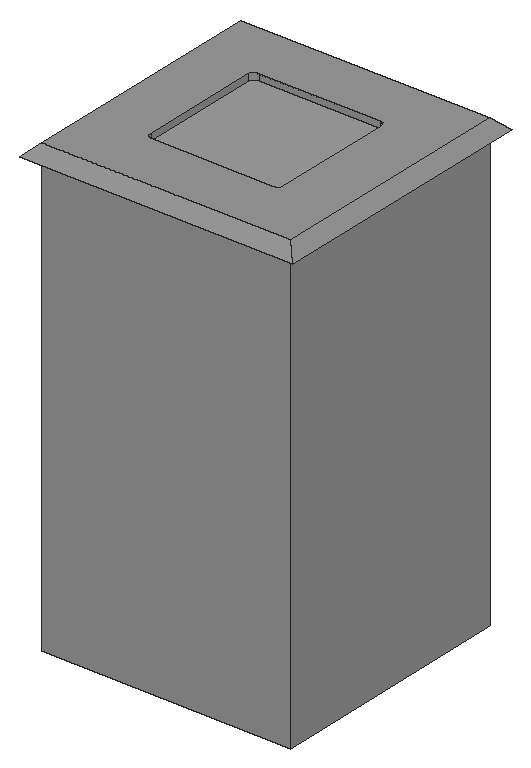
Revit family "4069208", category Lighting Fixtures, host Face, Revit 2017
Family settings
  Host = Face
  Round Connector Dimension = Use Diameter
  Part Type = Normal
  OmniClass Number = 23.80.70.00
  OmniClass Title = Lighting
  Cut with Voids When Loaded = No
  Light Source = Yes
  Shared = No
  Room Calculation Point = No
Parameters (values of type "4069208 PATHE/G/S1 WIDE 59LM LED 3K")
  Width_SYL = 45 mm
  Weight = "0.238 kg"
  Wattage Comments = ""
  Wattage = 1.5 W
  WarrantyStartDate [instance] = "n/a"
  WarrantyGuarantorParts = "n/a"
  WarrantyDurationUnit = "n/a"
  WarrantyDurationParts = "n/a"
  WarrantyDescription = "n/a"
  built-in parameter 1150110 = 1 (stored number, unit not read)
  Voltage = 230 V
  URL = "http://www.sylvania-lighting.com"
  TypeName = "PATHE/GROUND/SQUARE1 WIDE 59LM LED 3K"
  Type Image = <None>
  Type Comments = "n/a"
  built-in parameter 1114217 = 1 (stored number, unit not read)
  Tilt Angle = -90.00°
  built-in parameter 1150109 = 1 (stored number, unit not read)
  built-in parameter 1150134 = (empty or 0)
  built-in parameter 1150113 = 1 (stored number, unit not read)
  SerialNumber [instance] = "n/a"
  Photometric Web File = "4069208.ies"
  Material_3_SYL = none
  PowerFactor = 0
  PowerConsumption = "1.5 W"
  NominalLength = 45 mm
  NominalHeight = 75 mm
  NominalDepth = 45 mm
  Name = "PATHE/GROUND/SQUARE1 WIDE 59LM LED 3K"
  ModelReference = Name  # "PATHE/GROUND/SQUARE1 WIDE 59LM LED 3K"
  ModelNumber = "4069208"
  Model = Name  # "PATHE/GROUND/SQUARE1 WIDE 59LM LED 3K"
  Material = "aluminium housing, uv stabilized pc polycarbonate diffuser"
  ManufacturerName = "Feilo Sylvania"
  Manufacturer = "Feilo Sylvania"
  LuminousEfficacy = "39 lm/W"
  built-in parameter 1150105 = 4.6553 (stored number, unit not read)
  Lumens = 58.5 lm
  LuminaireType = ""
  built-in parameter 1150115 = 1 (stored number, unit not read)
  LightOutputRatio = "100"
  built-in parameter 1150137 = (empty or 0)
  built-in parameter 1150139 = (empty or 0)
  LampsType = Lamp  # "LED"
  LampNominalLuminous = "59 lm"
  LampMacAdamStep = "n/a"
  LampColourTemperature = "3000 K"
  LampColourRenderingIndex = "80"
  built-in parameter 1150112 = 1 (stored number, unit not read)
  built-in parameter 1150114 = 1 (stored number, unit not read)
  Lamp = "LED"
  Keynote = "16500"
  InstallationDate [instance] = "n/a"
  InputVoltage = "220-240 V AC"
  InputNominalFrequency = "50/60 Hz"
  built-in parameter 1150132 = (empty or 0)
  built-in parameter 1150102 = (empty or 0)
  built-in parameter 1150107 = 3000 (stored number, unit not read)
  built-in parameter 1150138 = (empty or 0)
  IngressProtection = "IP68"
  ImpactProtectionIndex = "IK10"
  built-in parameter 1150106 = 0.046553 (stored number, unit not read)
  IfcExportType = "IfcLightFixtureType"
  IfcExportAs = "IfcLightFixtureType"
  Height_SYL = 75 mm
  HeightAboveGround_SYL = 2 mm
  Emit from Rectangle Width = DiffuserCutOut_SYL  # 22 mm
  Emit from Rectangle Length = DiffuserCutOut_SYL  # 22 mm
  Emit Shape Visible in Rendering = no
  ElectricShockClassification = "Class III"
  built-in parameter 1150104 = 3.6232 (stored number, unit not read)
  DocumentationLiterature = "http://www.sylvania-lighting.com/product/en-int/products/4069208"
  DimmingControlOptions = "Non dimmable"
  Material_2_SYL = Default
  Dimming Lamp Color Temperature Shift = <None>
  DiffuserCutOut_SYL = 22 mm
  Description = "Square recessed ground luminaireCorrosion resistant die-cast aluminium, 59lm, 1.5W, 39lm/W, 3000K, CRI80+, 50°, non dimmable, IP68, IK10, (HxWxD) 45x45x75mm, 3 step MacAdam ellipse, Class III, 12-24V-DC, A++ A+ A"
  Default Elevation = 1219.2 mm
  CreatedOn = "1/21/2020"
  CreatedBy = "@sylvania-lighting.com"
  Cost = 0
  Color Filter = 16777215
  built-in parameter 1114216 [instance] = (empty or 0)
  ClassificationValue = "EF_70_80"
  ClassificationName = "Uniclass2015"
  Material_1_SYL = Aluminum
  ChamferWidth_SYL = HeightAboveGround_SYL  # 2 mm
  BarCode [instance] = "n/a"
  built-in parameter 1114218 = 1 (stored number, unit not read)
  built-in parameter 1150133 = 10 (stored number, unit not read)
  AssetType = "Fixed"
  AssetIdentifier [instance] = "n/a"
  Assembly Code = "D5020200"
  Apparent Load = 1.5 VA
  Material_4_SYL = none
Reference planes
  plane 1 "Center (Front/Back)": y = 0
  plane 2: z = 0
  plane 3 "Center (Left/Right)": x = 0
  plane 4: x = 22.5
  plane 5: x = -22.5
  plane 6: y = 22.5
  plane 7: y = -22.5
  plane 8: x = -11
  plane 9: x = 11
  plane 10: y = 11
  plane 11: y = -11
  plane 12: z = 2
  plane 13: x = -20.5
  plane 14: y = 20.5
  plane 15: x = 20.5
  plane 16: y = -20.5
  plane 17: z = -73
  plane 18: z = 1
Forms (mm)
  Extrusion 1, void
    sketch origin (0, 0, 0) x (1, 0, 0) y (0, 1, 0)
      loop
        line (-20.5, 20.5) -> (-20.5, -20.5) -> (20.5, -20.5) -> (20.5, 20.5) -> (-20.5, 20.5)
    from 0 to -73
  Blend 2, solid, material "Aluminum" <- "Material_1_SYL"
    base sketch origin (0, 0, 0) x (1, 0, 0) y (0, 1, 0)
      loop
        line (-22.5, 22.5) -> (-22.5, -22.5) -> (22.5, -22.5) -> (22.5, 22.5) -> (-22.5, 22.5)
    top sketch origin (0, 0, 0) x (1, 0, 0) y (0, 1, 0)
      loop
        line (-20.5, 20.5) -> (-20.5, -20.5) -> (20.5, -20.5) -> (20.5, 20.5) -> (-20.5, 20.5)
    from 0 to 2
  Extrusion 3, void
    sketch origin (0, 0, 0) x (1, 0, 0) y (0, 1, 0)
      loop
        arc (-10, 11) -> (-10.707, 10.707) -> (-11, 10) r 1
        line (-11, 10) -> (-11, -10)
        arc (-11, -10) -> (-10.707, -10.707) -> (-10, -11) r 1
        line (-10, -11) -> (10, -11)
        arc (10, -11) -> (10.707, -10.707) -> (11, -10) r 1
        line (11, -10) -> (11, 10)
        arc (11, 10) -> (10.707, 10.707) -> (10, 11) r 1
        line (10, 11) -> (-10, 11)
    from 0 to 2
  Extrusion 4, solid, material "Default" <- "Material_2_SYL"
    sketch origin (0, 0, 0) x (1, 0, 0) y (0, 1, 0)
      loop
        line (11, -10) -> (11, 10)
        arc (11, 10) -> (10.707, 10.707) -> (10, 11) r 1
        line (10, 11) -> (-10, 11)
        arc (-10, 11) -> (-10.707, 10.707) -> (-11, 10) r 1
        line (-11, 10) -> (-11, -10)
        arc (-11, -10) -> (-10.707, -10.707) -> (-10, -11) r 1
        line (-10, -11) -> (10, -11)
        arc (10, -11) -> (10.707, -10.707) -> (11, -10) r 1
    from 0 to 1
  Extrusion 5, solid, material "Aluminum" <- "Material_1_SYL"
    sketch origin (0, 0, 0) x (1, 0, 0) y (0, 1, 0)
      loop
        line (-20.5, 20.5) -> (-20.5, -20.5) -> (20.5, -20.5) -> (20.5, 20.5) -> (-20.5, 20.5)
    from 0 to -73
Cuts and joins
  Extrusion 3 cuts Blend 2
Dimensions and locks
  equal spacing: host sketch curve, plane 3 "Center (Left/Right)", host sketch curve
  equal spacing: host sketch curve, plane 1 "Center (Front/Back)", host sketch curve
  locked: host sketch curve to host sketch curve at 600  (x2)
  equal spacing: plane 5, plane 3 "Center (Left/Right)", plane 4
  "Width_SYL": plane 5 to plane 4
  equal spacing: plane 7, plane 1 "Center (Front/Back)", plane 6
  "Width_SYL": plane 7 to plane 6
  equal spacing: plane 8, plane 3 "Center (Left/Right)", plane 9
  "DiffuserCutOut_SYL": plane 8 to plane 9
  equal spacing: plane 11, plane 1 "Center (Front/Back)", plane 10
  "DiffuserCutOut_SYL": plane 11 to plane 10
  "HeightAboveGround_SYL": plane 12 to plane 2
  equal spacing: plane 13, plane 3 "Center (Left/Right)", plane 15
  "ChamferWidth_SYL": plane 5 to plane 13
  equal spacing: plane 16, plane 1 "Center (Front/Back)", plane 14
  "ChamferWidth_SYL": plane 14 to plane 6
  "Height_SYL": plane 12 to plane 17
  locked: plane 12 to plane 18 at 1
  aligned and locked: plane 2 to host face
  aligned and locked: level to host face
  aligned and locked: plane 14 to Extrusion 1 sketch curve
  aligned and locked: plane 13 to Extrusion 1 sketch curve
  aligned and locked: Extrusion 1 sketch curve to plane 16
  aligned and locked: Extrusion 1 sketch curve to plane 15
  aligned and locked: plane 17 to Extrusion 1
  aligned and locked: level to Extrusion 1
  aligned and locked: plane 6 to Blend 2 sketch curve
  aligned and locked: plane 5 to Blend 2 sketch curve
  aligned and locked: Blend 2 sketch curve to plane 7
  aligned and locked: Blend 2 sketch curve to plane 4
  aligned and locked: plane 14 to Blend 2 sketch curve
  aligned and locked: plane 13 to Blend 2 sketch curve
  aligned and locked: Blend 2 sketch curve to plane 16
  aligned and locked: Blend 2 sketch curve to plane 15
  aligned and locked: Blend 2 to plane 12
  aligned and locked: Blend 2 to level
  aligned and locked: plane 10 to Extrusion 3 sketch curve
  aligned and locked: plane 8 to Extrusion 3 sketch curve
  aligned and locked: Extrusion 3 sketch curve to plane 11
  aligned and locked: Extrusion 3 sketch curve to plane 9
  aligned and locked: Extrusion 3 to plane 12
  aligned and locked: Extrusion 3 to level
  aligned and locked: Extrusion 4 sketch curve to cut or joined group of Blend 2, Extrusion 3  (x4)
  aligned and locked: Extrusion 4 to plane 18
  aligned and locked: Extrusion 4 to level
  aligned and locked: Extrusion 5 sketch curve to cut or joined group of Blend 2, Extrusion 3  (x4)
  aligned and locked: level to Extrusion 5
  aligned and locked: plane 17 to Extrusion 5
Automatic sketch dimensions
  plane 8 to Extrusion 3 sketch curve = 1 mm  (x2)
  Extrusion 3 sketch curve to plane 9 = 1 mm  (x2)
Connectors
  electrical at (0, 0, -73), driven by "PowerFactor", driven by "Apparent Load", driven by "Voltage"
    settings: on Extrusion 5, index 1, voltage 230 V, apparent load 0 VA, apparent load phase1 1.5 VA, apparent load phase2 0 VA, apparent load phase3 0 VA, power factor 0, load classification "Other", number of poles 1, system type 31, power factor state 1, is connector primary yes, connector utility no, sub classification motor no, connector description ""
